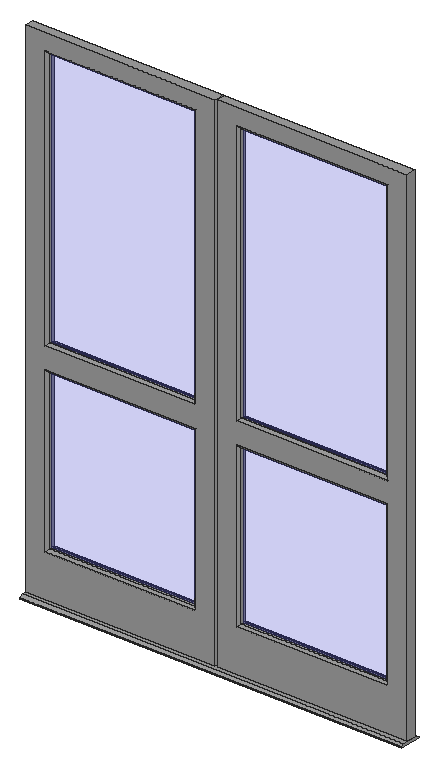
Revit family "MS-375 DOOR-Double-VIP-0.25-SF_v04", category Curtain Panels, Revit 2015
Parameters
  Width [instance] = 6' - 2"
  VIP1 Panic Devices [instance] = no
  URL = "obe.com"
  Rough Width [instance] = 6' - 0"
  Offset [instance] = 0' - 0"
  Model = "MS-375 DOOR"
  Min Panel Width [instance] = if(Rough Width > 5' 11 255/256", Rough Width, 6' 0")  # 6' - 0"
  Manufacturer = "Oldcastle BuildingEnvelope®"
  Keynote = "08 11 00"
  Hinge [instance] = yes
  Height [instance] = 8' - 0"
  Pushbar Height [instance] = 3' - 5 1/4"  # constant formula
  Glass Material = Glass
  Frame Material = Aluminum
  Door Panel Height [instance] = Height + 0' 0 1/2"  # 8' - 0 1/2"
  Description = "MS-375 - 1/4\" Door Infill"
  Assembly Code = "B2030"
  Analytic Construction = "<None>"
  8 Bottom Rail [instance] = yes
Reference planes (in)
  plane 1 "Front": y = 0
  plane 2: z = 0
  plane 3 "Center (Left/Right)": x = 0
  plane 4 "Left": x = -37
  plane 5 "Right": x = 37
  plane 6 "Top": z = 96
  plane 7: x = -36
  plane 8: x = 36
Text (in)
  text "Exterior" at (-54.29358, 31.38743, 0), in view "Ref. Level"
  text "Exterior" at (480, 41.53993, 89.60405), in view "Right"
  text "Exterior" at (-240, 57.82419, 105.78864), in view "Left"
Dimensions and locks (in)
  equal spacing: plane 4 "Left", plane 3 "Center (Left/Right)", plane 5 "Right"
  "Width": plane 4 "Left" to plane 5 "Right"
  "Height": plane 6 "Top" to plane 2
  equal spacing: plane 7, plane 3 "Center (Left/Right)", plane 8
  "Min Panel Width": plane 7 to plane 8
  aligned and locked: level to plane 2
  aligned and locked: plane 3 "Center (Left/Right)" to nested 1
  aligned and locked: plane 1 "Front" to nested 1
Nested families (in)
  nested 1: "MS-375 DOOR-Double-VIP-0.25-Panel_v03" at (0, -16, 0), VIP1 Panic Devices <- "VIP1 Panic Devices", Hinge <- "Hinge", Height <- "Door Panel Height", Width <- "Min Panel Width", 8 Bottom Rail <- "8 Bottom Rail", Frame Material <- "Frame Material", Glass Material <- "Glass Material", Offset <- "Offset", type "MS-375 DOOR-Double-VIP-0.25-Panel_v03"
    with Wing Width 3' - 0", built-in parameter 1001301 6' - 0", VIP1 Panic Devices no, Pushbar Height 3' - 5 1/4", Offset 0' - 0", Hinge yes, built-in parameter 1001300 8' - 0 1/2", Glass at Muntin 0' - 4 9/16", Glass Material Glass, Frame Material Aluminum, Bottom Rail 0' - 8 31/32", 8 Bottom Rail yes
Definition of nested family "MS-375 DOOR-Double-VIP-0.25-Panel_v03"
  Parameters (values of type "MS-375 DOOR-Double-VIP-0.25-Panel_v03")
    Wing Width [instance] = Width / 2  # 3' - 0"
    Width [instance] = 6' - 0"
    VIP1 Panic Devices [instance] = no
    Offset [instance] = 0' - 10.9713"
    Hinge [instance] = yes
    Height [instance] = 8' - 0"
    Glass at Muntin [instance] = if(VIP1 Panic Devices, 0' 8 9/16", 0' 4 9/16")  # 0' - 4 9/16"
    Pushbar Height [instance] = 3' - 5 1/4"  # constant formula
    Glass Material [instance] = none
    Frame Material [instance] = none
    Bottom Rail [instance] = if([8 Bottom Rail], 0' 8 31/32", 0' 10 31/32")  # 0' - 10 31/32"
    8 Bottom Rail [instance] = no
  Reference planes (in)
    plane 1 "00": y = 4.0912
    plane 2: z = 0
    plane 3 "Center (Left/Right)": x = 0
    plane 4: z = 96
    plane 5: x = 36
    plane 6: x = -36
    plane 7 "Center (Front/Back)": y = 16
    plane 8 "Exterior": y = 4.2162
    plane 9: z = 48
    plane 10: z = 92.96875
    plane 11: z = 92.21875
    plane 12: z = 43.53125
    plane 13: z = 38.96875
    plane 14: z = 10.96875
    plane 15 "Offset": y = 5.0287
    plane 16: z = 41.25
  Forms (in)
    Sweep 1, solid, material <- "Frame Material"
      path origin (0, 4.0912, 0) x (1, 0, 0) y (0, 0, 1)
        loop
          line (-35.79434, 96) -> (-0.22004, 96)
      profile origin (-18.00719, 4.0912, 96) x (0, 0, 1) y (0, -1, 0)
        loop
          line (-0.5, -0.875) -> (-0.5, 0.875) -> (-3.49593, 0.875) -> (-4, 0.45204) -> (-4, 0.125) -> (-3.78125, 0.125) -> (-3.78125, -0.125) -> (-4, -0.125) -> (-4, -0.45204) -> (-3.49593, -0.875) -> (-0.5, -0.875)
    Sweep 2, solid, material <- "Frame Material"
      path origin (0, 4.0912, 0) x (1, 0, 0) y (0, 0, 1)
        loop
          line (-0.22004, 0) -> (-35.79434, 0)
      profile origin (-18.00719, 4.0912, 0) x (0, 0, -1) y (0, -1, 0)
        loop
          line (-10.68343, -0.875) -> (-0.6875, -0.875) -> (-0.6875, 0.875) -> (-10.68343, 0.875) -> (-11.1875, 0.45204) -> (-11.1875, 0.125) -> (-10.96875, 0.125) -> (-10.96875, -0.125) -> (-11.1875, -0.125) -> (-11.1875, -0.45204) -> (-10.68343, -0.875)
    Sweep 3, solid, material <- "Frame Material"
      path origin (0, 4.0912, 0) x (1, 0, 0) y (0, 0, 1)
        loop
          line (36, 95.5) -> (36, 0.6875)
      profile origin (36, 4.0912, 48.09375) x (0, -1, 0) y (1, 0, 0)
        loop
          line (0.875, -0.19608) -> (-0.875, -0.08708) -> (-0.875, -3.83189) -> (-0.45204, -4.33596) -> (-0.125, -4.33596) -> (-0.125, -4.11721) -> (0.125, -4.11721) -> (0.125, -4.33596) -> (0.45204, -4.33596) -> (0.875, -3.83189) -> (0.875, -0.19608)
    Sweep 4, solid, material <- "Frame Material"
      path origin (0, 4.0912, 0) x (1, 0, 0) y (0, 0, 1)
        loop
          line (-36, 95.5) -> (-36, 0.6875)
      profile origin (-36, 4.0912, 48.09375) x (0, -1, 0) y (1, 0, 0)
        loop
          line (-0.875, 0.09666) -> (0.875, 0.20566) -> (0.875, 3.84147) -> (0.45204, 4.34554) -> (0.125, 4.34554) -> (0.125, 4.12679) -> (-0.125, 4.12679) -> (-0.125, 4.34554) -> (-0.45204, 4.34554) -> (-0.875, 3.84147) -> (-0.875, 0.09666)
    Sweep 5, solid, material <- "Frame Material"
      path origin (0, 4.0912, 0) x (1, 0, 0) y (0, 0, 1)
        loop
          line (-0.22004, 48) -> (-35.79434, 48)
      profile origin (-18.00719, 4.0912, 48) x (0, 0, -1) y (0, -1, 0)
        loop
          line (4.25, 0.45204) -> (4.25, 0.125) -> (4.46875, 0.125) -> (4.46875, -0.125) -> (4.25, -0.125) -> (4.25, -0.45204) -> (4.75407, -0.875) -> (8.74593, -0.875) -> (9.25, -0.45204) -> (9.25, -0.125) -> (9.03125, -0.125) -> (9.03125, 0.125) -> (9.25, 0.125) -> (9.25, 0.45204) -> (8.74593, 0.875) -> (4.75407, 0.875) -> (4.25, 0.45204)
    Sweep 6, solid, material <- "Frame Material"
      path origin (0, 4.0912, 0) x (1, 0, 0) y (0, 0, 1)
        loop
          line (0, 95.5) -> (0, 0.6875)
      profile origin (0, 4.0912, 48.09375) x (0, -1, 0) y (1, 0, 0)
        loop
          line (-0.875, -0.22004) -> (-0.875, -3.80843) -> (-0.45204, -4.3125) -> (-0.125, -4.3125) -> (-0.125, -4.09375) -> (0.125, -4.09375) -> (0.125, -4.3125) -> (0.45204, -4.3125) -> (0.875, -3.80843) -> (0.875, -0.22004)
          arc (0.875, -0.22004) -> (0, -0.0625) -> (-0.875, -0.22004) r 2.50872
        loop
          arc (-0.875, 0.22004) -> (0, 0.0625) -> (0.875, 0.22004) r 2.50872
          line (0.875, 0.22004) -> (0.875, 3.80843) -> (0.45204, 4.3125) -> (0.125, 4.3125) -> (0.125, 4.09375) -> (-0.125, 4.09375) -> (-0.125, 4.3125) -> (-0.45204, 4.3125) -> (-0.875, 3.80843) -> (-0.875, 0.22004)
    Sweep 7, solid, material <- "Frame Material"
      path origin (0, 4.0912, 0) x (1, 0, 0) y (0, 0, 1)
        loop
          line (0.22004, 96) -> (35.80392, 96)
      profile origin (18.01198, 4.0912, 96) x (0, 0, 1) y (0, -1, 0)
        loop
          line (-0.5, -0.875) -> (-0.5, 0.875) -> (-3.49593, 0.875) -> (-4, 0.45204) -> (-4, 0.125) -> (-3.78125, 0.125) -> (-3.78125, -0.125) -> (-4, -0.125) -> (-4, -0.45204) -> (-3.49593, -0.875) -> (-0.5, -0.875)
    Sweep 8, solid, material <- "Frame Material"
      path origin (0, 4.0912, 0) x (1, 0, 0) y (0, 0, 1)
        loop
          line (35.80392, 48) -> (0.22004, 48)
      profile origin (18.01198, 4.0912, 48) x (0, 0, -1) y (0, -1, 0)
        loop
          line (4.25, 0.45204) -> (4.25, 0.125) -> (4.46875, 0.125) -> (4.46875, -0.125) -> (4.25, -0.125) -> (4.25, -0.45204) -> (4.75407, -0.875) -> (8.74593, -0.875) -> (9.25, -0.45204) -> (9.25, -0.125) -> (9.03125, -0.125) -> (9.03125, 0.125) -> (9.25, 0.125) -> (9.25, 0.45204) -> (8.74593, 0.875) -> (4.75407, 0.875) -> (4.25, 0.45204)
    Sweep 9, solid, material <- "Frame Material"
      path origin (0, 4.0912, 0) x (1, 0, 0) y (0, 0, 1)
        loop
          line (35.80392, 0) -> (0.22004, 0)
      profile origin (18.01198, 4.0912, 0) x (0, 0, -1) y (0, -1, 0)
        loop
          line (-10.68343, -0.875) -> (-0.6875, -0.875) -> (-0.6875, 0.875) -> (-10.68343, 0.875) -> (-11.1875, 0.45204) -> (-11.1875, 0.125) -> (-10.96875, 0.125) -> (-10.96875, -0.125) -> (-11.1875, -0.125) -> (-11.1875, -0.45204) -> (-10.68343, -0.875)
    Extrusion 10, solid, material <- "Glass Material"
      sketch origin (0, 0, 0) x (1, 0, 0) y (0, 1, 0)
        loop
          line (-31.87209, 4.2162) -> (-31.87209, 3.9662) -> (-4.09375, 3.9662) -> (-4.09375, 4.2162) -> (-31.87209, 4.2162)
      from 10.96875 to 38.96875
    Extrusion 11, solid, material <- "Glass Material"
      sketch origin (0, 0, 0) x (1, 0, 0) y (0, 1, 0)
        loop
          line (4.09375, 4.2162) -> (4.09375, 3.9662) -> (31.88167, 3.9662) -> (31.88167, 4.2162) -> (4.09375, 4.2162)
      from 10.96875 to 38.96875
    Extrusion 12, solid, material <- "Glass Material"
      sketch origin (0, 0, 0) x (1, 0, 0) y (0, 1, 0)
        loop
          line (-4.09375, 4.2162) -> (-31.87209, 4.2162) -> (-31.87209, 3.9662) -> (-4.09375, 3.9662) -> (-4.09375, 4.2162)
      from 43.53125 to 92.21875
    Extrusion 13, solid, material <- "Glass Material"
      sketch origin (0, 0, 0) x (1, 0, 0) y (0, 1, 0)
        loop
          line (31.88167, 4.2162) -> (4.09375, 4.2162) -> (4.09375, 3.9662) -> (31.88167, 3.9662) -> (31.88167, 4.2162)
      from 43.53125 to 92.21875
    Sweep 14, solid, material <- "Frame Material"
      path origin (0, 5.0287, 0) x (1, 0, 0) y (0, 0, 1)
        loop
          line (-35.79434, 0) -> (35.80392, 0)
      profile origin (0.00479, 5.0287, 0) x (0, 0, 1) y (0, -1, 0)
        loop
          line (0.5, 2.468) -> (0.19364, 3.125) -> (0, 3.125) -> (0, -0.875) -> (0.19364, -0.875) -> (0.5, -0.218) -> (0.5, 2.468)
  Cuts and joins
    joined: Sweep 1, Sweep 2, Sweep 3, Sweep 4, Sweep 5, Sweep 6, Sweep 7, Sweep 8, Sweep 9
  Lines and regions (in)
    model lines
      curve 1: line (4.09375, 4.2162, 92.21875) -> (31.66404, 4.2162, 48)
      curve 2: line (31.66404, 4.2162, 48) -> (4.09375, 4.2162, 10.96875)
      curve 3: line (-4.09375, 4.2162, 92.21875) -> (-31.87321, 4.2162, 48)
      curve 4: line (-31.87321, 4.2162, 48) -> (-4.09375, 4.2162, 10.96875)
  Dimensions and locks (in)
    "Height": plane 4 to level
    "Width": plane 6 to plane 5
    equal spacing: level, plane 9, plane 4
    locked: Sweep 2 sketch curve to plane 6 at 0.20566
    locked: plane 3 "Center (Left/Right)" to Sweep 2 sketch curve at 0.22004
    locked: Sweep 3 sketch curve to plane 4 at 0.5
    locked: Sweep 4 sketch curve to plane 4 at 0.5
    locked: Sweep 1 sketch curve to plane 6 at 0.20566
    locked: plane 3 "Center (Left/Right)" to Sweep 1 sketch curve at 0.22004
    "Bottom Rail": Sweep 2 sketch curve to level
    Sweep 2 sketch curve to Sweep 2 sketch curve to Sweep 2 sketch curve to Sweep 2 sketch curve to Sweep 2 sketch curve = 0' - 0" locked, 0' - 0 7/32" locked, 0' - 0.28532" locked, 0' - 0" locked
    locked: plane 3 "Center (Left/Right)" to Sweep 5 sketch curve at 0.22004
    locked: Sweep 5 sketch curve to plane 6 at 0.20566
    plane 12 to Sweep 5 sketch curve to Sweep 5 sketch curve = 0' - 0.28532" locked, 0' - 0" locked
    Sweep 5 sketch curve to Sweep 5 sketch curve to Sweep 5 sketch curve to plane 13 to Sweep 5 sketch curve = 0' - 0" locked, 0' - 0.28532" locked, 0' - 0" locked, 0' - 0 7/32" locked
    locked: Sweep 7 sketch curve to plane 3 "Center (Left/Right)" at 0.22004
    locked: plane 5 to Sweep 7 sketch curve at 0.19608
    "Glass at Muntin": plane 12 to plane 13
    plane 12 to Sweep 8 sketch curve to Sweep 8 sketch curve = 0' - 0.28532" locked, 0' - 0" locked
    Sweep 8 sketch curve to Sweep 8 sketch curve to plane 13 to Sweep 8 sketch curve to Sweep 8 sketch curve = 0' - 0" locked, 0' - 0.28532" locked, 0' - 0 7/32" locked, 0' - 0" locked
    locked: plane 5 to Sweep 8 sketch curve at 0.19608
    locked: Sweep 8 sketch curve to plane 3 "Center (Left/Right)" at 0.22004
    Sweep 9 sketch curve to Sweep 9 sketch curve to plane 14 to Sweep 9 sketch curve to Sweep 9 sketch curve = 0' - 0" locked, 0' - 0 7/32" locked, 0' - 0.28532" locked, 0' - 0" locked
    locked: plane 5 to Sweep 9 sketch curve at 0.19608
    locked: Sweep 9 sketch curve to plane 3 "Center (Left/Right)" at 0.22004
    Extrusion 11 sketch curve to plane 1 "00" to Extrusion 11 sketch curve = 0' - 0 1/8" locked, 0' - 0 1/8" locked
    locked: Extrusion 11 sketch curve to plane 5 at 4.11833
    locked: plane 3 "Center (Left/Right)" to Extrusion 11 sketch curve at 4.09375
    Extrusion 10 sketch curve to plane 1 "00" to Extrusion 10 sketch curve = 0' - 0 1/8" locked, 0' - 0 1/8" locked
    locked: plane 6 to Extrusion 10 sketch curve at 4.12791
    locked: Extrusion 10 sketch curve to plane 3 "Center (Left/Right)" at 4.09375
    "Bottom Rail": level to plane 14
    locked: plane 6 to Extrusion 12 sketch curve at 4.12791
    locked: Extrusion 12 sketch curve to plane 3 "Center (Left/Right)" at 4.09375
    Extrusion 12 sketch curve to plane 1 "00" to Extrusion 12 sketch curve = 0' - 0 1/8" locked, 0' - 0 1/8" locked
    locked: plane 4 to plane 11 at 3.78125
    Extrusion 13 sketch curve to plane 1 "00" to Extrusion 13 sketch curve = 0' - 0 1/8" locked, 0' - 0 1/8" locked
    locked: Extrusion 13 sketch curve to plane 5 at 4.11833
    locked: plane 3 "Center (Left/Right)" to Extrusion 13 sketch curve at 4.09375
    locked: plane 4 to Extrusion 13 at 3.78125
    equal spacing: plane 6, plane 3 "Center (Left/Right)", plane 5
    "Offset": plane 15 "Offset" to plane 7 "Center (Front/Back)"
    plane 1 "00" to plane 8 "Exterior" to plane 15 "Offset" = 0' - 0 1/8" locked, 0' - 0 13/16" locked
    equal spacing: plane 13, plane 16, plane 12
    "Pushbar Height": plane 2 to plane 16
    locked: plane 1 "00" to nested 1 at 0.0287
    locked: plane 5 to Sweep 14 sketch curve at 0.19608
    locked: Sweep 14 sketch curve to plane 6 at 0.20566
    locked: Sweep 4 sketch curve to plane 2 at 0.6875
    locked: Sweep 6 sketch curve to plane 2 at 0.6875
    locked: Sweep 3 sketch curve to plane 2 at 0.6875
    aligned and locked: plane 2 to level
    aligned and locked: plane 3 "Center (Left/Right)" to nested 1
    aligned and locked: Sweep 1 sketch curve to plane 4
    aligned and locked: Sweep 2 sketch curve to level
    aligned and locked: level to nested 2
    aligned and locked: nested 2 to plane 1 "00"
    aligned and locked: plane 5 to Sweep 3 sketch curve
    aligned and locked: plane 6 to Sweep 4 sketch curve
    aligned and locked: Sweep 5 sketch curve to plane 9
    aligned and locked: plane 3 "Center (Left/Right)" to Sweep 6 sketch curve
    aligned and locked: Sweep 9 sketch curve to level
    aligned and locked: Sweep 8 sketch curve to plane 9
    aligned and locked: plane 4 to Sweep 7 sketch curve
    aligned and locked: Extrusion 12 to cut or joined group of Sweep 1, Sweep 2, Sweep 3, Sweep 4, Sweep 5, Sweep 6, Sweep 7, Sweep 8, Sweep 9
    aligned and locked: Extrusion 13 to cut or joined group of Sweep 1, Sweep 2, Sweep 3, Sweep 4, Sweep 5, Sweep 6, Sweep 7, Sweep 8, Sweep 9
    aligned and locked: Extrusion 13 to plane 11
    aligned and locked: Sweep 8 sketch curve to plane 13
    aligned and locked: Extrusion 11 to plane 13
    aligned and locked: plane 12 to Extrusion 13
    aligned and locked: Sweep 7 sketch curve to plane 11
    aligned and locked: plane 14 to Extrusion 11
    aligned and locked: plane 14 to Sweep 9 sketch curve
    aligned and locked: Sweep 1 sketch curve to plane 11
    aligned and locked: Sweep 5 sketch curve to plane 12
    aligned and locked: plane 12 to Extrusion 12
    aligned and locked: Extrusion 10 to plane 13
    aligned and locked: plane 14 to Extrusion 10
    aligned and locked: Extrusion 12 to plane 11
    aligned and locked: cut or joined group of Sweep 1, Sweep 2, Sweep 3, Sweep 4, Sweep 5, Sweep 6, Sweep 7, Sweep 8, Sweep 9 to curve 4  (x2)
    aligned and locked: plane 14 to curve 4
    aligned and locked: plane 9 to curve 4
    aligned and locked: curve 3 to cut or joined group of Sweep 1, Sweep 2, Sweep 3, Sweep 4, Sweep 5, Sweep 6, Sweep 7, Sweep 8, Sweep 9
    aligned and locked: plane 11 to curve 3
    aligned and locked: cut or joined group of Sweep 1, Sweep 2, Sweep 3, Sweep 4, Sweep 5, Sweep 6, Sweep 7, Sweep 8, Sweep 9 to curve 1
    aligned and locked: plane 9 to curve 2
    aligned and locked: cut or joined group of Sweep 1, Sweep 2, Sweep 3, Sweep 4, Sweep 5, Sweep 6, Sweep 7, Sweep 8, Sweep 9 to curve 2
    aligned and locked: plane 14 to curve 2
    aligned and locked: Sweep 14 sketch curve to plane 2
  Automatic sketch dimensions
    plane 1 "00" to Sweep 1 sketch curve = 0' - 0 1/8"
    Sweep 1 sketch curve to plane 1 "00" = 0' - 0.45204"
    Sweep 1 sketch curve to Sweep 1 sketch curve = 0' - 0"
    Sweep 1 sketch curve to Sweep 1 sketch curve = 0' - 0 7/32"
    plane 1 "00" to Sweep 1 sketch curve = 0' - 0 7/8"
    Sweep 1 sketch curve to Sweep 1 sketch curve = 0' - 0.50407"  (x2)
    profile plane to Sweep 1 sketch curve = 0' - 0 1/2"
    Sweep 1 sketch curve to plane 1 "00" = 0' - 0 7/8"
    Sweep 1 sketch curve to plane 1 "00" = 0' - 0 1/8"
    Sweep 1 sketch curve to Sweep 1 sketch curve = 0' - 0.32704"
    Sweep 6 sketch curve to plane 4 = 0' - 0 1/2"
    plane 1 "00" to Sweep 6 sketch curve = 0' - 0"  (x2)
    Sweep 6 sketch curve to plane 1 "00" = 0' - 0 1/8"  (x2)
    Sweep 6 sketch curve to Sweep 6 sketch curve = 0' - 0.32704"  (x4)
    Sweep 6 sketch curve to profile plane = 0' - 0.22004"
    Sweep 6 sketch curve to plane 1 "00" = 0' - 0 7/8"
    Sweep 6 sketch curve to Sweep 6 sketch curve = 0' - 0.42296"  (x3)
    plane 1 "00" to Sweep 6 sketch curve = 0' - 0 1/8"  (x2)
    profile plane to Sweep 6 sketch curve = 0' - 0.22004"
    Sweep 6 sketch curve to Sweep 6 sketch curve = 0' - 3.58839"  (x2)
    Sweep 6 sketch curve to Sweep 6 sketch curve = 0' - 0"  (x2)
    Sweep 6 sketch curve to Sweep 6 sketch curve = 0' - 0.28532"  (x2)
    Sweep 6 sketch curve to Sweep 6 sketch curve = 0' - 1.52253"  (x2)
    Sweep 6 sketch curve to Sweep 6 sketch curve = 0' - 1.74128"  (x4)
    plane 1 "00" to Sweep 7 sketch curve = 0' - 0 1/8"
    Sweep 7 sketch curve to plane 1 "00" = 0' - 0.45204"
    Sweep 7 sketch curve to Sweep 7 sketch curve = 0' - 0"
    Sweep 7 sketch curve to Sweep 7 sketch curve = 0' - 0 7/32"
    plane 1 "00" to Sweep 7 sketch curve = 0' - 0 7/8"
    Sweep 7 sketch curve to Sweep 7 sketch curve = 0' - 0.50407"  (x2)
    profile plane to Sweep 7 sketch curve = 0' - 0 1/2"
    Sweep 7 sketch curve to plane 1 "00" = 0' - 0 7/8"
    Sweep 7 sketch curve to plane 1 "00" = 0' - 0 1/8"
    Sweep 7 sketch curve to Sweep 7 sketch curve = 0' - 0.32704"
    Sweep 8 sketch curve to Sweep 8 sketch curve = 0' - 0 7/32"  (x2)
    Sweep 8 sketch curve to plane 1 "00" = 0' - 0 7/8"
    Sweep 8 sketch curve to plane 1 "00" = 0' - 0.45204"  (x2)
    Sweep 8 sketch curve to plane 1 "00" = 0' - 0 1/8"  (x2)
    plane 1 "00" to Sweep 8 sketch curve = 0' - 0 1/8"  (x2)
    Sweep 8 sketch curve to Sweep 8 sketch curve = 0' - 0.32704"  (x2)
    Sweep 8 sketch curve to Sweep 8 sketch curve = 0' - 0.42296"
    Sweep 8 sketch curve to Sweep 8 sketch curve = 0' - 0.28532"
    Sweep 5 sketch curve to Sweep 5 sketch curve = 0' - 0 7/32"  (x3)
    Sweep 5 sketch curve to plane 1 "00" = 0' - 0 7/8"
    Sweep 5 sketch curve to plane 1 "00" = 0' - 0.45204"  (x2)
    Sweep 5 sketch curve to plane 1 "00" = 0' - 0 1/8"  (x2)
    plane 1 "00" to Sweep 5 sketch curve = 0' - 0 1/8"  (x2)
    Sweep 5 sketch curve to Sweep 5 sketch curve = 0' - 0.32704"  (x2)
    Sweep 5 sketch curve to Sweep 5 sketch curve = 0' - 0.42296"
    profile plane to Sweep 9 sketch curve = 0' - 0 11/16"
    Sweep 9 sketch curve to plane 1 "00" = 0' - 0.45204"
    Sweep 9 sketch curve to plane 1 "00" = 0' - 0 1/8"
    plane 1 "00" to Sweep 9 sketch curve = 0' - 0 1/8"
    Sweep 9 sketch curve to Sweep 9 sketch curve = 0' - 0.32704"
    Sweep 9 sketch curve to Sweep 9 sketch curve = 0' - 0.42296"  (x2)
    Sweep 4 sketch curve to plane 1 "00" = 0' - 0 7/8"
    Sweep 4 sketch curve to plane 1 "00" = 0' - 0.45204"
    Sweep 4 sketch curve to plane 1 "00" = 0' - 0 1/8"
    plane 1 "00" to Sweep 4 sketch curve = 0' - 0 1/8"
    Sweep 4 sketch curve to Sweep 4 sketch curve = 0' - 0.32704"
    Sweep 4 sketch curve to Sweep 4 sketch curve = 0' - 0.42296"
    Sweep 4 sketch curve to profile plane = 0' - 3.84147"
    Sweep 4 sketch curve to Sweep 4 sketch curve = 0' - 0"
    Sweep 4 sketch curve to Sweep 4 sketch curve = 0' - 0.28532"
    Sweep 4 sketch curve to Sweep 4 sketch curve = 0' - 0 7/32"  (x2)
    Sweep 4 sketch curve to profile plane = 0' - 0.20566"
    Sweep 4 sketch curve to profile plane = 0' - 0.09666"
    Sweep 3 sketch curve to plane 1 "00" = 0' - 0 7/8"
    Sweep 3 sketch curve to plane 1 "00" = 0' - 0.45204"
    Sweep 3 sketch curve to plane 1 "00" = 0' - 0 1/8"
    plane 1 "00" to Sweep 3 sketch curve = 0' - 0 1/8"
    Sweep 3 sketch curve to Sweep 3 sketch curve = 0' - 0.32704"
    Sweep 3 sketch curve to Sweep 3 sketch curve = 0' - 0.42296"
    profile plane to Sweep 3 sketch curve = 0' - 4 43/128"
    Sweep 3 sketch curve to Sweep 3 sketch curve = 0' - 0"
    Sweep 3 sketch curve to Sweep 3 sketch curve = 0' - 0 7/32"
    Sweep 3 sketch curve to Sweep 3 sketch curve = 0' - 0.50407"  (x2)
    profile plane to Sweep 3 sketch curve = 0' - 0.08708"
    profile plane to Sweep 3 sketch curve = 0' - 0.19608"
    curve 1 to plane 11 = 0' - 0"
    curve 2 to plane 5 = 0' - 4 43/128"
    Sweep 14 sketch curve to profile plane = 0' - 0.19364"  (x2)
    Sweep 14 sketch curve to plane 15 "Offset" = 0' - 0 7/8"
    Sweep 14 sketch curve to profile plane = 0' - 0"
    Sweep 14 sketch curve to plane 15 "Offset" = 0' - 0.218"
    Sweep 14 sketch curve to Sweep 14 sketch curve = 0' - 2.686"
    Sweep 14 sketch curve to profile plane = 0' - 0 1/2"
    Sweep 14 sketch curve to Sweep 14 sketch curve = 0' - 0.657"
    profile plane to Sweep 2 sketch curve = 0' - 0 11/16"
    Sweep 2 sketch curve to plane 1 "00" = 0' - 0 7/8"
    Sweep 2 sketch curve to plane 1 "00" = 0' - 0.45204"
    Sweep 2 sketch curve to plane 1 "00" = 0' - 0 1/8"
    plane 1 "00" to Sweep 2 sketch curve = 0' - 0 1/8"
    Sweep 2 sketch curve to Sweep 2 sketch curve = 0' - 0.32704"
    Sweep 2 sketch curve to Sweep 2 sketch curve = 0' - 0.42296"
  Nested families (in)
    nested 1: "MS-375 DOOR-Double-VIP-0.25-Plan View" at (0, 4.1199, 0), Wing Width <- "Wing Width", Hinge <- "Hinge", Width <- "Width", type "MS-375 DOOR-Double-VIP-0.25-Plan View"
      with Wing Width 3' - 0", Width 6' - 0", Hinge yes
    nested 2: "MS-375 DOOR-Double-VIP-0.25-Section_v02" at (0, 4.0912, 0) x (0, -1, 0) z (1, 0, 0), Height <- "Height", VIP1 Panic Devices <- "VIP1 Panic Devices", 8 Bottom Rail <- "8 Bottom Rail", type "MS-375 DOOR-Double-VIP-0.25-Section_v02"
      with VIP2 Panic Devices yes, VIP1 Panic Devices no, Pushbar Height 3' - 5 1/4", Height 8' - 0", Glass at Muntins 0' - 4 9/16", Bottom Rail 0' - 10 31/32", 8 Bottom Rail no, 10 Bottom Rail yes
  Definition of nested family "MS-375 DOOR-Double-VIP-0.25-Plan View"
    Parameters (values of type "MS-375 DOOR-Double-VIP-0.25-Plan View")
      Wing Width [instance] = Width / 2  # 2' - 0"
      Width [instance] = 4' - 0"
      Hinge [instance] = yes
    Types (2): name
      MS-375 DOOR-Double-VIP-0.25-Plan View
      NS-212 DOOR-Double-VIP-0.25-Plan View
    Reference planes (in)
      plane 1 "Center (Front/Back)": y = 0
      plane 2: z = 0
      plane 3 "Center (Left/Right)": x = 0
      plane 4: x = -24
      plane 5: x = 24
      plane 6: x = 22.68437
      plane 7: x = -22.68437
    Lines and regions (in)
      detail lines, in view "Ref. Level", not visible
        curve 1: line (-19.87688, 0.125, 0) -> (-4.09375, 0.125, 0)
        curve 2: line (-19.87688, -0.125, 0) -> (-4.09375, -0.125, 0)
        curve 8: line (4.09375, -0.125, 0) -> (19.87688, -0.125, 0)
        curve 9: line (4.09375, 0.125, 0) -> (19.87688, 0.125, 0)
      detail lines, in view "Ref. Level"
        curve 3: line (22.55937, 5.47312, 0) -> (22.55937, 19.90625, 0)
        curve 7: line (22.80937, 5.47312, 0) -> (22.80937, 19.90625, 0)
        curve 10: line (-22.55937, 5.47312, 0) -> (-22.55937, 19.90625, 0)
        curve 14: line (-22.80937, 5.47312, 0) -> (-22.80937, 19.90625, 0)
        curve 15: arc (0.0625, 0, 0) -> (6.91855, 16.76986, 0) -> (23.55937, 23.93344, 0) r 23.9375
        curve 16: arc (-0.0625, 0, 0) -> (-6.91855, 16.76986, 0) -> (-23.55937, 23.93344, 0) r 23.9375
      detail lines, in view "Ref. Level", detail levels fine
        curve 4: line (22.62187, 5.47312, 0) -> (22.62187, 19.90625, 0)
        curve 5: line (22.68437, 5.47312, 0) -> (22.68437, 19.90625, 0)
        curve 6: line (22.74687, 5.47312, 0) -> (22.74687, 19.90625, 0)
        curve 11: line (-22.62187, 5.47312, 0) -> (-22.62187, 19.90625, 0)
        curve 12: line (-22.68437, 5.47312, 0) -> (-22.68437, 19.90625, 0)
        curve 13: line (-22.74687, 5.47312, 0) -> (-22.74687, 19.90625, 0)
    Dimensions and locks (in)
      equal spacing: plane 4, plane 3 "Center (Left/Right)", plane 5
      locked: plane 5 to plane 6 at 1.31563
      locked: plane 4 to plane 7 at 1.31563
      "Wing Width": plane 1 "Center (Front/Back)" to nested 3
      "Wing Width": plane 1 "Center (Front/Back)" to nested 4
      locked: nested 8 to plane 1 "Center (Front/Back)" at 0.9
      locked: nested 9 to plane 1 "Center (Front/Back)" at 0.9
      "Width": plane 4 to plane 5
      locked: plane 5 to nested 6 at 2.25
      locked: plane 5 to nested 5 at 2.25
      locked: nested 10 to plane 4 at 2.25
      locked: nested 7 to plane 4 at 2.25
      aligned and locked: plane 3 "Center (Left/Right)" to nested 1
      aligned and locked: nested 1 to plane 1 "Center (Front/Back)"
      aligned and locked: plane 3 "Center (Left/Right)" to nested 2
      aligned and locked: nested 2 to plane 1 "Center (Front/Back)"
      aligned and locked: nested 3 to plane 6
      aligned and locked: plane 7 to nested 4
      aligned and locked: nested 6 to plane 1 "Center (Front/Back)"
      aligned and locked: plane 1 "Center (Front/Back)" to nested 5
      aligned and locked: plane 1 "Center (Front/Back)" to nested 7
      aligned and locked: plane 6 to nested 8
      aligned and locked: nested 9 to plane 7
      aligned and locked: nested 2 to curve 8
      aligned and locked: nested 1 to curve 2
      aligned and locked: curve 14 to nested 4
      aligned and locked: nested 3 to curve 3
      aligned and locked: nested 9 to curve 14
      aligned and locked: curve 3 to nested 8
      aligned and locked: curve 8 to nested 5
      aligned and locked: nested 10 to plane 1 "Center (Front/Back)"
    Automatic sketch dimensions
      plane 1 "Center (Front/Back)" to curve 16 = 0' - 0"
      curve 16 to plane 4 = 0' - 0"
      curve 12 to plane 7 = 0' - 0"
      plane 1 "Center (Front/Back)" to curve 15 = 0' - 0"
      curve 5 to plane 6 = 0' - 0"
      curve 15 to plane 5 = 0' - 0"
      curve 16 to plane 7 = 0' - 0 7/8"
      curve 14 to curve 12 = 0' - 0 1/8"
      curve 13 to curve 12 = 0' - 0 1/16"
      plane 7 to curve 11 = 0' - 0 1/16"
      curve 11 to curve 10 = 0' - 0 1/16"
      plane 1 "Center (Front/Back)" to curve 2 = 0' - 0 1/8"
      plane 7 to curve 2 = 0' - 2.80749"
      curve 1 to plane 1 "Center (Front/Back)" = 0' - 0 1/8"
      curve 2 to curve 1 = 0' - 0"
      curve 1 to curve 2 = 0' - 0"
      curve 16 to plane 3 "Center (Left/Right)" = 0' - 0 1/16"
      plane 3 "Center (Left/Right)" to curve 15 = 0' - 0 1/16"
      curve 9 to plane 1 "Center (Front/Back)" = 0' - 0 1/8"
      curve 8 to curve 9 = 0' - 0"
      plane 1 "Center (Front/Back)" to curve 8 = 0' - 0 1/8"
      curve 9 to curve 8 = 0' - 0"
      plane 6 to curve 3 = 0' - 0 1/8"
      plane 6 to curve 4 = 0' - 0 1/16"
      curve 5 to curve 6 = 0' - 0 1/16"
      curve 6 to curve 7 = 0' - 0 1/16"
      curve 15 to plane 6 = 0' - 0 7/8"
      curve 4 to curve 7 = 0' - 0"
      curve 6 to curve 7 = 0' - 0"
      curve 4 to curve 5 = 0' - 0"
      curve 3 to curve 4 = 0' - 0"
      curve 14 to curve 13 = 0' - 0"
      curve 13 to curve 10 = 0' - 0"
      curve 13 to curve 12 = 0' - 0"
      curve 12 to curve 11 = 0' - 0"
      curve 10 to curve 12 = 0' - 0"
      curve 12 to curve 13 = 0' - 0"
      curve 6 to curve 5 = 0' - 0"
      curve 13 to curve 14 = 0' - 0"
      curve 5 to curve 4 = 0' - 0"
      curve 7 to curve 6 = 0' - 0"
      curve 11 to curve 12 = 0' - 0"
      curve 4 to curve 3 = 0' - 0"
    Nested families (in)
      nested 1: "M STILE L-DI" at (0, 0, 0) x (-1, 0, 0) z (0, 0, 1), type "M STILE L-DI", in view "Ref. Level", not visible
      nested 2: "M STILE R-DI" at (0, 0, 0) x (-1, 0, 0) z (0, 0, 1), type "M STILE R-DI", in view "Ref. Level", not visible
      nested 3: "M STILE R-DI" at (22.68437, 24, 0) x (0, 1, 0) z (0, 0, 1), type "M STILE R-DI", in view "Ref. Level"
      nested 4: "M STILE R-DI" at (-22.68437, 24, 0) x (0, 1, 0) z (0, 0, 1), type "M STILE R-DI", in view "Ref. Level"
      nested 5: "HINGE-HD-DI" at (26.25, 0, 0), type "HINGE-HD-DI", in view "Ref. Level", not visible
      nested 6: "HINGE-DI" at (26.25, 0, 0) x (-1, 0, 0) z (0, 0, 1), visible <- "Hinge", type "HINGE-DI", in view "Ref. Level"
      nested 7: "HINGE-DI" at (-26.25, 0, 0), visible <- "Hinge", type "HINGE-DI", in view "Ref. Level"
      nested 8: "HINGE-HD-DI" at (22.68437, -0.9, 0) x (0, -1, 0) z (0, 0, 1), type "HINGE-HD-DI", in view "Ref. Level"
      nested 9: "HINGE-HD-DI" at (-22.68437, -0.9, 0) x (0, -1, 0) z (0, 0, 1), type "HINGE-HD-DI", in view "Ref. Level"
      nested 10: "HINGE-HD-DI" at (-26.25, 0, 0) x (-1, 0, 0) z (0, 0, 1), type "HINGE-HD-DI", in view "Ref. Level", not visible
    Definition of nested family "M STILE L-DI"
      Reference planes (in)
        plane 1 "Center (Front/Back)": y = 0
        plane 2: z = 0
        plane 3 "Center (Left/Right)": x = 0
      Lines and regions (in)
        detail lines, in view "Ref. Level"
          curve 1: arc (0.22004, 0.875, 0) -> (0.0625, 0, 0) -> (0.22004, -0.875, 0) r 2.50872
          curve 2: line (0.22004, 0.875, 0) -> (3.80843, 0.875, 0)
          curve 3: line (3.80843, 0.875, 0) -> (4.3125, 0.45204, 0)
          curve 4: line (4.3125, 0.45204, 0) -> (4.3125, 0.125, 0)
          curve 5: line (4.3125, 0.125, 0) -> (4.09375, 0.125, 0)
          curve 6: line (4.09375, 0.125, 0) -> (4.09375, -0.125, 0)
          curve 7: line (4.09375, -0.125, 0) -> (4.3125, -0.125, 0)
          curve 8: line (4.3125, -0.125, 0) -> (4.3125, -0.45204, 0)
          curve 9: line (4.3125, -0.45204, 0) -> (3.80843, -0.875, 0)
          curve 10: line (3.80843, -0.875, 0) -> (0.22004, -0.875, 0)
    Definition of nested family "M STILE R-DI"
      Reference planes (in)
        plane 1 "Center (Front/Back)": y = 0
        plane 2: z = 0
        plane 3 "Center (Left/Right)": x = 0
      Lines and regions (in)
        detail lines, in view "Ref. Level"
          curve 1: arc (-0.22063, -0.875, 0) -> (-0.0625, 0, 0) -> (-0.22063, 0.875, 0) r 2.5
          curve 2: line (-0.22063, 0.875, 0) -> (-3.80843, 0.875, 0)
          curve 3: line (-3.80843, 0.875, 0) -> (-4.3125, 0.45204, 0)
          curve 4: line (-4.3125, 0.45204, 0) -> (-4.3125, 0.125, 0)
          curve 5: line (-4.3125, 0.125, 0) -> (-4.09375, 0.125, 0)
          curve 6: line (-4.09375, 0.125, 0) -> (-4.09375, -0.125, 0)
          curve 7: line (-4.09375, -0.125, 0) -> (-4.3125, -0.125, 0)
          curve 8: line (-4.3125, -0.125, 0) -> (-4.3125, -0.45204, 0)
          curve 9: line (-4.3125, -0.45204, 0) -> (-3.80843, -0.875, 0)
          curve 10: line (-3.80843, -0.875, 0) -> (-0.22063, -0.875, 0)
    Definition of nested family "HINGE-HD-DI"
      Reference planes (in)
        plane 1 "Center (Front/Back)": y = 0
        plane 2: z = 0
        plane 3 "Center (Left/Right)": x = 0
      Lines and regions (in)
        detail lines, in view "Ref. Level"
          curve 1: line (-2.45087, 0.875, 0) -> (-6.0878, 0.875, 0)
          curve 2: line (-6.0878, 0.875, 0) -> (-6.59187, 0.45204, 0)
          curve 3: line (-6.59187, 0.45204, 0) -> (-6.59187, 0.125, 0)
          curve 4: line (-6.59187, 0.125, 0) -> (-6.37312, 0.125, 0)
          curve 5: line (-6.37312, 0.125, 0) -> (-6.37312, -0.125, 0)
          curve 6: line (-6.37312, -0.125, 0) -> (-6.59187, -0.125, 0)
          curve 7: line (-6.59187, -0.125, 0) -> (-6.59187, -0.45204, 0)
          curve 8: line (-6.59187, -0.45204, 0) -> (-6.0878, -0.875, 0)
          curve 9: line (-6.0878, -0.875, 0) -> (-2.34187, -0.875, 0)
          curve 10: line (-2.34187, -0.875, 0) -> (-2.45087, 0.875, 0)
    Definition of nested family "HINGE-DI"
      Reference planes (in)
        plane 1 "Center (Front/Back)": y = 0
        plane 2: z = 0
        plane 3 "Center (Left/Right)": x = 0
  Definition of nested family "MS-375 DOOR-Double-VIP-0.25-Section_v02"
    Parameters (values of type "MS-375 DOOR-Double-VIP-0.25-Section_v02")
      VIP2 Panic Devices [instance] = not(VIP1 Panic Devices)  # no
      VIP1 Panic Devices [instance] = yes
      Height [instance] = 8' - 0"
      Pushbar Height [instance] = 3' - 5 1/4"  # constant formula
      Glass at Muntins [instance] = if(VIP2 Panic Devices, 0' 4 9/16", 0' 8 9/16")  # 0' - 8 9/16"
      Bottom Rail [instance] = if([10 Bottom Rail], 0' 10 31/32", 0' 8 31/32")  # 0' - 10 31/32"
      10 Bottom Rail [instance] = not([8 Bottom Rail])  # yes
      8 Bottom Rail [instance] = no
    Reference planes (in)
      plane 1 "Center (Front/Back)": y = 0
      plane 2: z = 0
      plane 3 "Center (Left/Right)": x = 0
      plane 4: y = 10.96875
      plane 5: y = 92.21875
      plane 6: y = 96
      plane 7: y = 45.53125
      plane 8: y = 36.96875
      plane 9: y = 45.75
      plane 10: y = 41.25
      plane 11: y = 43.75
    Lines and regions (in)
      detail lines, in view "Ref. Level"
        curve 1: line (-0.125, 92.21875, 0) -> (-0.125, 45.53125, 0)
        curve 5: line (0.125, 92.21875, 0) -> (0.125, 45.53125, 0)
        curve 6: line (0.125, 36.96875, 0) -> (0.125, 10.96875, 0)
        curve 10: line (-0.125, 36.96875, 0) -> (-0.125, 10.96875, 0)
      detail lines, in view "Ref. Level", detail levels fine
        curve 2: line (-0.0625, 92.21875, 0) -> (-0.0625, 45.53125, 0)
        curve 3: line (0, 92.21875, 0) -> (0, 45.53125, 0)
        curve 4: line (0.0625, 92.21875, 0) -> (0.0625, 45.53125, 0)
        curve 7: line (0.0625, 36.96875, 0) -> (0.0625, 10.96875, 0)
        curve 8: line (0, 36.96875, 0) -> (0, 10.96875, 0)
        curve 9: line (-0.0625, 36.96875, 0) -> (-0.0625, 10.96875, 0)
    Dimensions and locks (in)
      "Bottom Rail": plane 4 to plane 1 "Center (Front/Back)"
      "Height": plane 6 to plane 1 "Center (Front/Back)"
      "Glass at Muntins": plane 8 to plane 7
      nested 1 to plane 6 to plane 5 = 0' - 3 1/8" locked, 0' - 3 25/32" locked
      equal spacing: plane 8, plane 10, plane 7
      "Pushbar Height": plane 1 "Center (Front/Back)" to plane 10
      plane 10 to plane 11 to plane 9 = 0' - 2 1/2" locked, 0' - 2" locked
      aligned and locked: plane 5 to curve 2
      aligned and locked: plane 5 to curve 1
      aligned and locked: plane 3 "Center (Left/Right)" to nested 1
      aligned and locked: plane 3 "Center (Left/Right)" to nested 2
      aligned and locked: plane 4 to curve 10
      aligned and locked: plane 4 to curve 9
      aligned and locked: plane 4 to curve 6
      aligned and locked: plane 4 to curve 7
      aligned and locked: plane 4 to curve 8
      aligned and locked: plane 5 to curve 5
      aligned and locked: plane 5 to curve 4
      aligned and locked: plane 5 to curve 3
      aligned and locked: plane 3 "Center (Left/Right)" to nested 3
      aligned and locked: plane 7 to curve 1
      aligned and locked: plane 7 to curve 2
      aligned and locked: plane 7 to curve 3
      aligned and locked: plane 7 to curve 4
      aligned and locked: plane 7 to curve 5
      aligned and locked: plane 8 to curve 6
      aligned and locked: plane 8 to curve 7
      aligned and locked: plane 8 to curve 8
      aligned and locked: plane 8 to curve 9
      aligned and locked: plane 8 to curve 10
      aligned and locked: plane 9 to nested 4
      aligned and locked: plane 3 "Center (Left/Right)" to nested 4
      aligned and locked: plane 3 "Center (Left/Right)" to nested 5
      aligned and locked: plane 1 "Center (Front/Back)" to nested 3
      aligned and locked: plane 1 "Center (Front/Back)" to nested 2
      aligned and locked: plane 11 to nested 5
    Automatic sketch dimensions
      curve 8 to plane 3 "Center (Left/Right)" = 0' - 0"
      curve 3 to plane 3 "Center (Left/Right)" = 0' - 0"
      curve 9 to plane 3 "Center (Left/Right)" = 0' - 0 1/16"
      curve 2 to plane 3 "Center (Left/Right)" = 0' - 0 1/16"
      curve 1 to curve 2 = 0' - 0 1/16"
      curve 10 to curve 9 = 0' - 0 1/16"
      plane 3 "Center (Left/Right)" to curve 7 = 0' - 0 1/16"
      plane 3 "Center (Left/Right)" to curve 4 = 0' - 0 1/16"
      curve 7 to curve 6 = 0' - 0 1/16"
      curve 4 to curve 5 = 0' - 0 1/16"
    Nested families (in)
      nested 1: "TOP RAIL-DI" at (0, 99.125, 0), type "TOP RAIL-DI", in view "Ref. Level"
      nested 2: "8 BOT RAIL-DI" at (0, 9.1875, 0), visible <- "8 Bottom Rail", type "8 BOT RAIL-DI", in view "Ref. Level"
      nested 3: "10 BOT RAIL-DI" at (0, 11.1875, 0), visible <- "10 Bottom Rail", type "10 BOT RAIL-DI", in view "Ref. Level"
      nested 4: "MIDRAIL-VIP1-DI" at (0, 45.75, 0), visible <- "VIP1 Panic Devices", type "MIDRAIL-VIP1-DI", in view "Ref. Level"
      nested 5: "MIDRAIL-VIP2-DI" at (0, 43.75, 0), visible <- "VIP2 Panic Devices", type "MIDRAIL-VIP2-DI", in view "Ref. Level"
    Definition of nested family "TOP RAIL-DI"
      Reference planes (in)
        plane 1 "Center (Front/Back)": y = 0
        plane 2: z = 0
        plane 3 "Center (Left/Right)": x = 0
      Lines and regions (in)
        detail lines, in view "Ref. Level"
          curve 1: line (-0.875, -3.625, 0) -> (0.875, -3.625, 0)
          curve 2: line (0.875, -3.625, 0) -> (0.875, -6.62093, 0)
          curve 3: line (0.875, -6.62093, 0) -> (0.45204, -7.125, 0)
          curve 4: line (0.45204, -7.125, 0) -> (0.125, -7.125, 0)
          curve 5: line (0.125, -7.125, 0) -> (0.125, -6.90625, 0)
          curve 6: line (0.125, -6.90625, 0) -> (-0.125, -6.90625, 0)
          curve 7: line (-0.125, -6.90625, 0) -> (-0.125, -7.125, 0)
          curve 8: line (-0.125, -7.125, 0) -> (-0.45204, -7.125, 0)
          curve 9: line (-0.45204, -7.125, 0) -> (-0.875, -6.62093, 0)
          curve 10: line (-0.875, -6.62093, 0) -> (-0.875, -3.625, 0)
    Definition of nested family "8 BOT RAIL-DI"
      Reference planes (in)
        plane 1 "Center (Front/Back)": y = 0
        plane 2: z = 0
        plane 3 "Center (Left/Right)": x = 0
      Lines and regions (in)
        detail lines, in view "Ref. Level"
          curve 1: line (-0.125, -0.21875, 0) -> (-0.125, 0, 0)
          curve 2: line (-0.125, 0, 0) -> (-0.45204, 0, 0)
          curve 3: line (-0.45204, 0, 0) -> (-0.875, -0.50407, 0)
          curve 4: line (-0.875, -0.50407, 0) -> (-0.875, -8.5, 0)
          curve 5: line (-0.875, -8.5, 0) -> (0.875, -8.5, 0)
          curve 6: line (0.875, -8.5, 0) -> (0.875, -0.50407, 0)
          curve 7: line (0.875, -0.50407, 0) -> (0.45204, 0, 0)
          curve 8: line (0.45204, 0, 0) -> (0.125, 0, 0)
          curve 9: line (0.125, -0.21875, 0) -> (0.125, 0, 0)
          curve 10: line (0.125, -0.21875, 0) -> (-0.125, -0.21875, 0)
          curve 11: line (-1.1555, -8.6875, 0) -> (1.5305, -8.6875, 0)
          curve 12: line (1.5305, -8.6875, 0) -> (2.1875, -8.99386, 0)
          curve 13: line (2.1875, -8.99386, 0) -> (2.1875, -9.18749, 0)
          curve 14: line (2.1875, -9.18749, 0) -> (-1.8125, -9.18749, 0)
          curve 15: line (-1.8125, -9.18749, 0) -> (-1.8125, -8.99386, 0)
          curve 16: line (-1.8125, -8.99386, 0) -> (-1.1555, -8.6875, 0)
    Definition of nested family "10 BOT RAIL-DI"
      Reference planes (in)
        plane 1 "Center (Front/Back)": y = 0
        plane 2: z = 0
        plane 3 "Center (Left/Right)": x = 0
      Lines and regions (in)
        detail lines, in view "Ref. Level"
          curve 1: line (0.125, -0.21875, 0) -> (-0.125, -0.21875, 0)
          curve 2: line (-0.125, -0.21875, 0) -> (-0.125, 0, 0)
          curve 3: line (-0.125, 0, 0) -> (-0.45204, 0, 0)
          curve 4: line (-0.45204, 0, 0) -> (-0.875, -0.50407, 0)
          curve 5: line (-0.875, -0.50407, 0) -> (-0.875, -10.5, 0)
          curve 6: line (-0.875, -10.5, 0) -> (0.875, -10.5, 0)
          curve 7: line (0.875, -10.5, 0) -> (0.875, -0.50407, 0)
          curve 8: line (0.875, -0.50407, 0) -> (0.45204, 0, 0)
          curve 9: line (0.45204, 0, 0) -> (0.125, 0, 0)
          curve 10: line (0.125, 0, 0) -> (0.125, -0.21875, 0)
          curve 11: line (-1.1555, -10.6875, 0) -> (-1.8125, -10.99386, 0)
          curve 12: line (-1.8125, -10.99386, 0) -> (-1.8125, -11.18749, 0)
          curve 13: line (-1.8125, -11.18749, 0) -> (2.1875, -11.18749, 0)
          curve 14: line (2.1875, -11.18749, 0) -> (2.1875, -10.99386, 0)
          curve 15: line (2.1875, -10.99386, 0) -> (1.5305, -10.6875, 0)
          curve 16: line (1.5305, -10.6875, 0) -> (-1.1555, -10.6875, 0)
    Definition of nested family "MIDRAIL-VIP1-DI"
      Reference planes (in)
        plane 1 "Center (Front/Back)": y = 0
        plane 2: z = 0
        plane 3 "Center (Left/Right)": x = 0
    Definition of nested family "MIDRAIL-VIP2-DI"
      Reference planes (in)
        plane 1 "Center (Front/Back)": y = 0
        plane 2: z = 0
        plane 3 "Center (Left/Right)": x = 0
